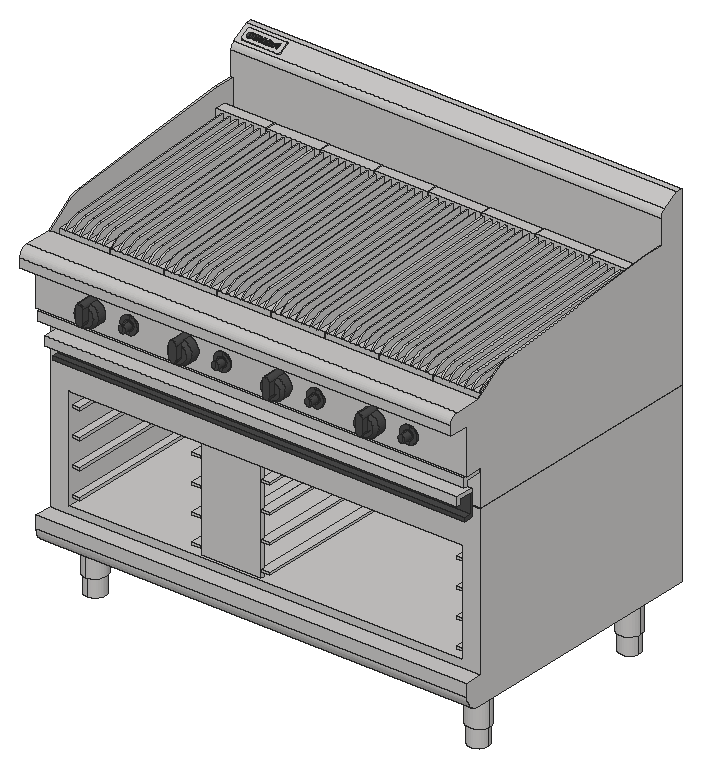
Revit family "QF_MOFFAT WALDORF_CH8120G-CB", category Specialty Equipment, Revit 2012
Parameters
  Weight in Pounds = 0
  URL Cutsheet = "www.moffat.com"
  URL = "www.moffat.com"
  Type Mark [instance] = ""
  Status [instance] = ""
  Specification by User [instance] = ""
  Specification by Manufacturer = ""
  Show Logo [instance] = yes
  Serial Number = ""
  Seismic Rating = ""
  SMACNA No = ""
  Revision Code [instance] = ""
  Omniclass Number and Title = ""
  NAFEM Spec ID Number = ""
  Model = "CH8120G-CB"
  Mechanical Remarks [instance] = ""
  Mechanical Connection Type [instance] = ""
  Masterspec = ""
  Manufacturer = "MOFFAT WALDORF"
  Item Number [instance] = ""
  Installed By [instance] = ""
  Identify Quantity as Lot [instance] = yes
  Gas Size = 3/4"
  Gas RI Height [instance] = 0 mm
  Gas KW [instance] = 36.6
  Gas Input [instance] = 126060.0 Btu/h
  Gas Connection Height = 0 mm
  Furnished By [instance] = ""
  Foodservice Equipment Identifier [instance] = yes
  Description = "CHARGRILL ON CABINET BASE"
  CSI MasterFormat = ""
  CSI Master Format = ""
  Body Finish = QF_Finishes_Stainless Steel
Reference planes
  plane 1 "BACK": y = 0
  plane 2: z = 0
  plane 3 "LEFT": x = 0
  plane 4 "RIGHT": x = 1200
  plane 5 "FRONT": y = -805
  plane 6 "TOP": z = 1130
  plane 7 "Center Y": x = 600
  plane 8 "Center X": y = -402.5
Forms (mm)
  Extrusion 1, solid, material "QF_Finishes_Stainless Steel" <- "Body Finish"
    sketch origin (0, 0, 0) x (0, 1, 0) y (0, 0, 1)
      loop
        line (-805, 891) -> (-805, 866) -> (-749, 866) -> (-749, 740) -> (-699, 740) -> (-699, 640) -> (0, 640) -> (0, 1130) -> (-16.5, 1130) -> (-58.709, 1105.631)
        arc (-58.709, 1105.631) -> (-66.975, 1097.365) -> (-70, 1086.074) r 22.582
        line (-70, 1086.074) -> (-70, 875) -> (-705, 875) -> (-705, 915) -> (-781, 915)
        arc (-781, 915) -> (-797.971, 907.971) -> (-805, 891) r 24
      loop
        line (0, 150) -> (0, 639.206) -> (-699, 639.206) -> (-699, 585) -> (-135.7, 585) -> (-135.7, 222.5) -> (-749, 222.5) -> (-749, 188)
        arc (-749, 188) -> (-737.87, 161.13) -> (-711, 150) r 38
        line (-711, 150) -> (0, 150)
    from 0 to 1200
  Revolve 2, solid, material "QF_Finishes_Stainless Steel" <- "Body Finish"
    sketch origin (424.5, -625, 0) x (1, 0, 0) y (0, 0, -1)
      loop
        line (678.25, -50) -> (678.25, -150) -> (710, -150) -> (710, 0) -> (682.5, 0) -> (682.5, -50) -> (678.25, -50)
      axis (710, -150) -> (710, 0)
    angle from 0 to 360
  Revolve 3, solid, material "QF_Finishes_Stainless Steel" <- "Body Finish"
    sketch origin (424.5, -100, 0) x (1, 0, 0) y (0, 0, -1)
      loop
        line (678.25, -150) -> (710, -150) -> (710, 0) -> (682.5, 0) -> (682.5, -50) -> (678.25, -50) -> (678.25, -150)
      axis (710, -150) -> (710, 0)
    angle from 0 to 360
  Revolve 4, solid, material "QF_Finishes_Stainless Steel" <- "Body Finish"
    sketch origin (65.5, -735, 0) x (0, 1, 0) y (0, 0, 1)
      loop
        line (78.25, 50) -> (82.5, 50) -> (82.5, 0) -> (110, 0) -> (110, 150) -> (78.25, 150) -> (78.25, 50)
      axis (110, 150) -> (110, 0)
    angle from 0 to 360
  Revolve 5, solid, material "QF_Finishes_Stainless Steel" <- "Body Finish"
    sketch origin (65.5, -210.016, 0) x (0, 1, 0) y (0, 0, 1)
      loop
        line (78.25, 50) -> (82.5, 50) -> (82.5, 0) -> (110, 0) -> (110, 150) -> (78.25, 150) -> (78.25, 50)
      axis (110, 150) -> (110, 0)
    angle from 0 to 360
  Extrusion 6, solid, material "QF_Finishes_Stainless Steel" <- "Body Finish"
    sketch origin (0, 0, 0) x (0, 1, 0) y (0, 0, 1)
      loop
        line (-121.455, 1019.2) -> (-600.057, 973.116)
        arc (-600.057, 973.116) -> (-620.977, 968.81) -> (-640.506, 960.159) r 100
        line (-640.506, 960.159) -> (-705, 915) -> (-705, 875) -> (-70, 875) -> (-70, 1019.2) -> (-121.455, 1019.2)
    from 0 to 4.5
  Extrusion 7, solid, material "QF_Finishes_Stainless Steel" <- "Body Finish"
    sketch origin (1200, 0, 0) x (0, 1, 0) y (0, 0, -1)
      loop
        line (-121.455, -1019.2) -> (-70, -1019.2) -> (-70, -875) -> (-705, -875) -> (-705, -915) -> (-640.506, -960.159)
        arc (-640.506, -960.159) -> (-620.977, -968.81) -> (-600.057, -973.116) r 100
        line (-600.057, -973.116) -> (-121.455, -1019.2)
    from 0 to 3
  Revolve 8, solid, material "QF_Finishes_Black"
    sketch origin (168, 0, 500) x (0, 1, 0) y (0, 0, 1)
      loop
        line (-782, 329.5) -> (-793, 323.651) -> (-793, 297) -> (-749, 297) -> (-749, 302) -> (-759, 302) -> (-759, 329.5) -> (-782, 329.5)
      axis (-793, 297) -> (-749, 297)
    angle from 0 to 360
  Extrusion 9, solid, material "QF_Finishes_Black"
    sketch origin (29.888, 0, 500) x (1, 0, 0) y (0, 0, 1)
      loop
        line (148.3, 289) -> (148.3, 324)
        arc (148.3, 324) -> (138.3, 334) -> (128.3, 324) r 10
        line (128.3, 324) -> (128.3, 289)
        arc (128.3, 289) -> (138.3, 279) -> (148.3, 289) r 10
    from 759 to 808
  Revolve 10, solid, material "QF_Finishes_Black"
    sketch origin (428, 0, 0) x (0, 1, 0) y (0, 0, -1)
      loop
        line (-782, -829.5) -> (-759, -829.5) -> (-759, -802) -> (-749, -802) -> (-749, -797) -> (-793, -797) -> (-793, -823.651) -> (-782, -829.5)
      axis (-793, -797) -> (-749, -797)
    angle from 0 to 360
  Extrusion 11, solid, material "QF_Finishes_Black"
    sketch origin (266.198, 0, 0) x (-1, 0, 0) y (0, 0, -1)
      loop
        arc (-151.7, -789) -> (-161.7, -779) -> (-171.7, -789) r 10
        line (-171.7, -789) -> (-171.7, -824)
        arc (-171.7, -824) -> (-161.7, -834) -> (-151.7, -824) r 10
        line (-151.7, -824) -> (-151.7, -789)
    from 759 to 808
  Revolve 12, solid, material "QF_Finishes_Black"
    sketch origin (268.187, 0, 500) x (0, 1, 0) y (0, 0, 1)
      loop
        line (-759, 302) -> (-759, 321) -> (-761.705, 321) -> (-761.705, 309.85) -> (-762.85, 309.85) -> (-762.85, 306.825) -> (-784.88, 306.825) -> (-784.88, 297) -> (-749, 297) -> (-749, 302) -> (-759, 302)
      axis (-749, 297) -> (-784.88, 297)
    angle from 0 to 360
  Revolve 13, solid, material "QF_Finishes_Black"
    sketch origin (528.014, 0, 500) x (0, 1, 0) y (0, 0, 1)
      loop
        line (-759, 302) -> (-759, 321) -> (-761.705, 321) -> (-761.705, 309.85) -> (-762.85, 309.85) -> (-762.85, 306.825) -> (-784.88, 306.825) -> (-784.88, 297) -> (-749, 297) -> (-749, 302) -> (-759, 302)
      axis (-749, 297) -> (-784.88, 297)
    angle from 0 to 360
  Extrusion 14, solid, material "QF_Finishes_Stainless Steel"
    sketch origin (276, 0, 0) x (0, 1, 0) y (0, 0, 1)
      loop
        line (-132, 910.364) -> (-132, 962.849) -> (-630.852, 932.53)
        arc (-630.852, 932.53) -> (-656.098, 925.97) -> (-677, 910.364) r 67.81
        line (-677, 910.364) -> (-132, 910.364)
    from 0 to 4.5
  Extrusion 15, solid, material "QF_Finishes_Stainless Steel"
    sketch origin (255, 0, 0) x (0, 1, 0) y (0, 0, 1)
      loop
        line (-132, 910.364) -> (-132, 962.849) -> (-630.852, 932.53)
        arc (-630.852, 932.53) -> (-656.098, 925.97) -> (-677, 910.364) r 67.81
        line (-677, 910.364) -> (-132, 910.364)
    from 0 to 4.5
  Extrusion 16, solid, material "QF_Finishes_Stainless Steel"
    sketch origin (234, 0, 0) x (0, 1, 0) y (0, 0, 1)
      loop
        line (-132, 910.364) -> (-132, 962.849) -> (-630.852, 932.53)
        arc (-630.852, 932.53) -> (-656.098, 925.97) -> (-677, 910.364) r 67.81
        line (-677, 910.364) -> (-132, 910.364)
    from 0 to 4.5
  Extrusion 17, solid, material "QF_Finishes_Stainless Steel"
    sketch origin (213, 0, 0) x (0, 1, 0) y (0, 0, 1)
      loop
        line (-132, 910.364) -> (-132, 962.849) -> (-630.852, 932.53)
        arc (-630.852, 932.53) -> (-656.098, 925.97) -> (-677, 910.364) r 67.81
        line (-677, 910.364) -> (-132, 910.364)
    from 0 to 4.5
  Extrusion 18, solid, material "QF_Finishes_Stainless Steel"
    sketch origin (192, 0, 0) x (0, 1, 0) y (0, 0, 1)
      loop
        line (-132, 910.364) -> (-132, 962.849) -> (-630.852, 932.53)
        arc (-630.852, 932.53) -> (-656.098, 925.97) -> (-677, 910.364) r 67.81
        line (-677, 910.364) -> (-132, 910.364)
    from 0 to 4.5
  Extrusion 19, solid, material "QF_Finishes_Stainless Steel"
    sketch origin (171, 0, 0) x (0, 1, 0) y (0, 0, 1)
      loop
        line (-132, 910.364) -> (-132, 962.849) -> (-630.852, 932.53)
        arc (-630.852, 932.53) -> (-656.098, 925.97) -> (-677, 910.364) r 67.81
        line (-677, 910.364) -> (-132, 910.364)
    from 0 to 4.5
  Extrusion 20, solid, material "QF_Finishes_Stainless Steel"
    sketch origin (150, 0, 0) x (0, 1, 0) y (0, 0, 1)
      loop
        line (-132, 910.364) -> (-132, 962.849) -> (-630.852, 932.53)
        arc (-630.852, 932.53) -> (-656.098, 925.97) -> (-677, 910.364) r 67.81
        line (-677, 910.364) -> (-132, 910.364)
    from 0 to 4.5
  Extrusion 21, solid, material "QF_Finishes_Stainless Steel"
    sketch origin (126, 0, 0) x (0, 1, 0) y (0, 0, 1)
      loop
        line (-132, 910.364) -> (-132, 962.849) -> (-630.852, 932.53)
        arc (-630.852, 932.53) -> (-656.098, 925.97) -> (-677, 910.364) r 67.81
        line (-677, 910.364) -> (-132, 910.364)
    from 0 to 4.5
  Extrusion 22, solid, material "QF_Finishes_Stainless Steel"
    sketch origin (105, 0, 0) x (0, 1, 0) y (0, 0, 1)
      loop
        line (-132, 910.364) -> (-132, 962.849) -> (-630.852, 932.53)
        arc (-630.852, 932.53) -> (-656.098, 925.97) -> (-677, 910.364) r 67.81
        line (-677, 910.364) -> (-132, 910.364)
    from 0 to 4.5
  Extrusion 23, solid, material "QF_Finishes_Stainless Steel"
    sketch origin (84, 0, 0) x (0, 1, 0) y (0, 0, 1)
      loop
        line (-132, 910.364) -> (-132, 962.849) -> (-630.852, 932.53)
        arc (-630.852, 932.53) -> (-656.098, 925.97) -> (-677, 910.364) r 67.81
        line (-677, 910.364) -> (-132, 910.364)
    from 0 to 4.5
  Extrusion 24, solid, material "QF_Finishes_Stainless Steel"
    sketch origin (63, 0, 0) x (0, 1, 0) y (0, 0, 1)
      loop
        line (-132, 910.364) -> (-132, 962.849) -> (-630.852, 932.53)
        arc (-630.852, 932.53) -> (-656.098, 925.97) -> (-677, 910.364) r 67.81
        line (-677, 910.364) -> (-132, 910.364)
    from 0 to 4.5
  Extrusion 25, solid, material "QF_Finishes_Stainless Steel"
    sketch origin (42, 0, 0) x (0, 1, 0) y (0, 0, 1)
      loop
        line (-132, 910.364) -> (-132, 962.849) -> (-630.852, 932.53)
        arc (-630.852, 932.53) -> (-656.098, 925.97) -> (-677, 910.364) r 67.81
        line (-677, 910.364) -> (-132, 910.364)
    from 0 to 4.5
  Extrusion 26, solid, material "QF_Finishes_Stainless Steel"
    sketch origin (21, 0, 0) x (0, 1, 0) y (0, 0, 1)
      loop
        line (-132, 910.364) -> (-132, 962.849) -> (-630.852, 932.53)
        arc (-630.852, 932.53) -> (-656.098, 925.97) -> (-677, 910.364) r 67.81
        line (-677, 910.364) -> (-132, 910.364)
    from 0 to 4.5
  Extrusion 27, solid, material "QF_Finishes_Stainless Steel"
    sketch origin (426, 0, 0) x (0, 1, 0) y (0, 0, 1)
      loop
        line (-132, 910.364) -> (-132, 962.849) -> (-630.852, 932.53)
        arc (-630.852, 932.53) -> (-656.098, 925.97) -> (-677, 910.364) r 67.81
        line (-677, 910.364) -> (-132, 910.364)
    from 0 to 4.5
  Extrusion 28, solid, material "QF_Finishes_Stainless Steel"
    sketch origin (405, 0, 0) x (0, 1, 0) y (0, 0, 1)
      loop
        line (-132, 910.364) -> (-132, 962.849) -> (-630.852, 932.53)
        arc (-630.852, 932.53) -> (-656.098, 925.97) -> (-677, 910.364) r 67.81
        line (-677, 910.364) -> (-132, 910.364)
    from 0 to 4.5
  Extrusion 29, solid, material "QF_Finishes_Stainless Steel"
    sketch origin (384, 0, 0) x (0, 1, 0) y (0, 0, 1)
      loop
        line (-132, 910.364) -> (-132, 962.849) -> (-630.852, 932.53)
        arc (-630.852, 932.53) -> (-656.098, 925.97) -> (-677, 910.364) r 67.81
        line (-677, 910.364) -> (-132, 910.364)
    from 0 to 4.5
  Extrusion 30, solid, material "QF_Finishes_Stainless Steel"
    sketch origin (363, 0, 0) x (0, 1, 0) y (0, 0, 1)
      loop
        line (-132, 910.364) -> (-132, 962.849) -> (-630.852, 932.53)
        arc (-630.852, 932.53) -> (-656.098, 925.97) -> (-677, 910.364) r 67.81
        line (-677, 910.364) -> (-132, 910.364)
    from 0 to 4.5
  Extrusion 31, solid, material "QF_Finishes_Stainless Steel"
    sketch origin (342, 0, 0) x (0, 1, 0) y (0, 0, 1)
      loop
        line (-132, 910.364) -> (-132, 962.849) -> (-630.852, 932.53)
        arc (-630.852, 932.53) -> (-656.098, 925.97) -> (-677, 910.364) r 67.81
        line (-677, 910.364) -> (-132, 910.364)
    from 0 to 4.5
  Extrusion 32, solid, material "QF_Finishes_Stainless Steel"
    sketch origin (321, 0, 0) x (0, 1, 0) y (0, 0, 1)
      loop
        line (-132, 910.364) -> (-132, 962.849) -> (-630.852, 932.53)
        arc (-630.852, 932.53) -> (-656.098, 925.97) -> (-677, 910.364) r 67.81
        line (-677, 910.364) -> (-132, 910.364)
    from 0 to 4.5
  Extrusion 33, solid, material "QF_Finishes_Stainless Steel"
    sketch origin (300, 0, 0) x (0, 1, 0) y (0, 0, 1)
      loop
        line (-132, 910.364) -> (-132, 962.849) -> (-630.852, 932.53)
        arc (-630.852, 932.53) -> (-656.098, 925.97) -> (-677, 910.364) r 67.81
        line (-677, 910.364) -> (-132, 910.364)
    from 0 to 4.5
  Extrusion 34, solid, material "QF_Finishes_Stainless Steel"
    sketch origin (576, 0, 0) x (0, 1, 0) y (0, 0, 1)
      loop
        line (-132, 910.364) -> (-132, 962.849) -> (-630.852, 932.53)
        arc (-630.852, 932.53) -> (-656.098, 925.97) -> (-677, 910.364) r 67.81
        line (-677, 910.364) -> (-132, 910.364)
    from 0 to 4.5
  Extrusion 35, solid, material "QF_Finishes_Stainless Steel"
    sketch origin (555, 0, 0) x (0, 1, 0) y (0, 0, 1)
      loop
        line (-132, 910.364) -> (-132, 962.849) -> (-630.852, 932.53)
        arc (-630.852, 932.53) -> (-656.098, 925.97) -> (-677, 910.364) r 67.81
        line (-677, 910.364) -> (-132, 910.364)
    from 0 to 4.5
  Extrusion 36, solid, material "QF_Finishes_Stainless Steel"
    sketch origin (534, 0, 0) x (0, 1, 0) y (0, 0, 1)
      loop
        line (-132, 910.364) -> (-132, 962.849) -> (-630.852, 932.53)
        arc (-630.852, 932.53) -> (-656.098, 925.97) -> (-677, 910.364) r 67.81
        line (-677, 910.364) -> (-132, 910.364)
    from 0 to 4.5
  Extrusion 37, solid, material "QF_Finishes_Stainless Steel"
    sketch origin (513, 0, 0) x (0, 1, 0) y (0, 0, 1)
      loop
        line (-132, 910.364) -> (-132, 962.849) -> (-630.852, 932.53)
        arc (-630.852, 932.53) -> (-656.098, 925.97) -> (-677, 910.364) r 67.81
        line (-677, 910.364) -> (-132, 910.364)
    from 0 to 4.5
  Extrusion 38, solid, material "QF_Finishes_Stainless Steel"
    sketch origin (492, 0, 0) x (0, 1, 0) y (0, 0, 1)
      loop
        line (-132, 910.364) -> (-132, 962.849) -> (-630.852, 932.53)
        arc (-630.852, 932.53) -> (-656.098, 925.97) -> (-677, 910.364) r 67.81
        line (-677, 910.364) -> (-132, 910.364)
    from 0 to 4.5
  Extrusion 39, solid, material "QF_Finishes_Stainless Steel"
    sketch origin (471, 0, 0) x (0, 1, 0) y (0, 0, 1)
      loop
        line (-132, 910.364) -> (-132, 962.849) -> (-630.852, 932.53)
        arc (-630.852, 932.53) -> (-656.098, 925.97) -> (-677, 910.364) r 67.81
        line (-677, 910.364) -> (-132, 910.364)
    from 0 to 4.5
  Extrusion 40, solid, material "QF_Finishes_Stainless Steel"
    sketch origin (450, 0, 0) x (0, 1, 0) y (0, 0, 1)
      loop
        line (-132, 910.364) -> (-132, 962.849) -> (-630.852, 932.53)
        arc (-630.852, 932.53) -> (-656.098, 925.97) -> (-677, 910.364) r 67.81
        line (-677, 910.364) -> (-132, 910.364)
    from 0 to 4.5
  Extrusion 41, solid, material "QF_Finishes_Stainless Steel"
    sketch origin (1, 3, 0) x (1, 0, 0) y (0, 1, 0)
      loop
        circle (215, -35) r 13.5
    from 555 to 639.206
  Extrusion 42, solid, material "QF_Finishes_Black"
    sketch origin (1, 0, 500) x (0, 1, 0) y (0, 0, 1)
      loop
        line (-704, 171.797) -> (-704, 118.047) -> (-724, 118.047) -> (-724, 108.047) -> (-685.346, 108.047) -> (-685.346, 171.797) -> (-704, 171.797)
    from 24.12 to 1174.007
  Extrusion 43, solid, material "QF_Finishes_Stainless Steel"
    sketch origin (0, 0, 500) x (0, 1, 0) y (0, 0, 1)
      loop
        line (-751.27, 211.219) -> (-741.27, 211.219) -> (-741.27, 226.219) -> (-699, 226.219) -> (-699, 236.219) -> (-751.27, 236.219) -> (-751.27, 211.219)
    from 5.013 to 1195
  Extrusion 44, solid, material "QF_Finishes_Stainless Steel"
    sketch origin (0, 0, 445.578) x (0, 1, 0) y (0, 0, 1)
      loop
        line (-751.27, 211.219) -> (-741.27, 211.219) -> (-741.27, 226.219) -> (-685.346, 226.219) -> (-685.346, 236.219) -> (-751.27, 236.219) -> (-751.27, 211.219)
    from 25.12 to 1175.007
  Extrusion 45, solid, material "QF_Finishes_Stainless Steel"
    sketch origin (0, 0, 0) x (0, 1, 0) y (0, 0, 1)
      loop
        line (-132, 910.364) -> (-677, 910.364) -> (-677, 875) -> (-102, 875) -> (-102, 970) -> (-132, 970) -> (-132, 910.364)
    from 4.5 to 147
  Extrusion 46, solid, material "QF_Finishes_Stainless Steel"
    sketch origin (145.5, 0, 0) x (0, 1, 0) y (0, 0, 1)
      loop
        line (-132, 910.364) -> (-677, 910.364) -> (-677, 875) -> (-102, 875) -> (-102, 970) -> (-132, 970) -> (-132, 910.364)
    from 4.5 to 151.5
  Extrusion 47, solid, material "QF_Finishes_Stainless Steel"
    sketch origin (295.5, 0, 0) x (0, 1, 0) y (0, 0, 1)
      loop
        line (-132, 910.364) -> (-677, 910.364) -> (-677, 875) -> (-102, 875) -> (-102, 970) -> (-132, 970) -> (-132, 910.364)
    from 4.5 to 151.5
  Extrusion 48, solid, material "QF_Finishes_Stainless Steel"
    sketch origin (445.5, 0, 0) x (0, 1, 0) y (0, 0, 1)
      loop
        line (-132, 910.364) -> (-677, 910.364) -> (-677, 875) -> (-102, 875) -> (-102, 970) -> (-132, 970) -> (-132, 910.364)
    from 4.5 to 151.5
  Extrusion 49, solid, material "QF_Finishes_Stainless Steel"
    sketch origin (726, 0, 0) x (0, 1, 0) y (0, 0, 1)
      loop
        line (-132, 910.364) -> (-132, 962.849) -> (-630.852, 932.53)
        arc (-630.852, 932.53) -> (-656.098, 925.97) -> (-677, 910.364) r 67.81
        line (-677, 910.364) -> (-132, 910.364)
    from 0 to 4.5
  Extrusion 50, solid, material "QF_Finishes_Stainless Steel"
    sketch origin (705, 0, 0) x (0, 1, 0) y (0, 0, 1)
      loop
        line (-132, 910.364) -> (-132, 962.849) -> (-630.852, 932.53)
        arc (-630.852, 932.53) -> (-656.098, 925.97) -> (-677, 910.364) r 67.81
        line (-677, 910.364) -> (-132, 910.364)
    from 0 to 4.5
  Extrusion 51, solid, material "QF_Finishes_Stainless Steel"
    sketch origin (684, 0, 0) x (0, 1, 0) y (0, 0, 1)
      loop
        line (-132, 910.364) -> (-132, 962.849) -> (-630.852, 932.53)
        arc (-630.852, 932.53) -> (-656.098, 925.97) -> (-677, 910.364) r 67.81
        line (-677, 910.364) -> (-132, 910.364)
    from 0 to 4.5
  Extrusion 52, solid, material "QF_Finishes_Stainless Steel"
    sketch origin (663, 0, 0) x (0, 1, 0) y (0, 0, 1)
      loop
        line (-132, 910.364) -> (-132, 962.849) -> (-630.852, 932.53)
        arc (-630.852, 932.53) -> (-656.098, 925.97) -> (-677, 910.364) r 67.81
        line (-677, 910.364) -> (-132, 910.364)
    from 0 to 4.5
  Extrusion 53, solid, material "QF_Finishes_Stainless Steel"
    sketch origin (642, 0, 0) x (0, 1, 0) y (0, 0, 1)
      loop
        line (-132, 910.364) -> (-132, 962.849) -> (-630.852, 932.53)
        arc (-630.852, 932.53) -> (-656.098, 925.97) -> (-677, 910.364) r 67.81
        line (-677, 910.364) -> (-132, 910.364)
    from 0 to 4.5
  Extrusion 54, solid, material "QF_Finishes_Stainless Steel"
    sketch origin (621, 0, 0) x (0, 1, 0) y (0, 0, 1)
      loop
        line (-132, 910.364) -> (-132, 962.849) -> (-630.852, 932.53)
        arc (-630.852, 932.53) -> (-656.098, 925.97) -> (-677, 910.364) r 67.81
        line (-677, 910.364) -> (-132, 910.364)
    from 0 to 4.5
  Extrusion 55, solid, material "QF_Finishes_Stainless Steel"
    sketch origin (600, 0, 0) x (0, 1, 0) y (0, 0, 1)
      loop
        line (-132, 910.364) -> (-132, 962.849) -> (-630.852, 932.53)
        arc (-630.852, 932.53) -> (-656.098, 925.97) -> (-677, 910.364) r 67.81
        line (-677, 910.364) -> (-132, 910.364)
    from 0 to 4.5
  Extrusion 56, solid, material "QF_Finishes_Stainless Steel"
    sketch origin (595.5, 0, 0) x (0, 1, 0) y (0, 0, 1)
      loop
        line (-132, 910.364) -> (-677, 910.364) -> (-677, 875) -> (-102, 875) -> (-102, 970) -> (-132, 970) -> (-132, 910.364)
    from 4.5 to 151.5
  Extrusion 57, solid, material "QF_Finishes_Stainless Steel"
    sketch origin (876, 0, 0) x (0, 1, 0) y (0, 0, 1)
      loop
        line (-132, 910.364) -> (-132, 962.849) -> (-630.852, 932.53)
        arc (-630.852, 932.53) -> (-656.098, 925.97) -> (-677, 910.364) r 67.81
        line (-677, 910.364) -> (-132, 910.364)
    from 0 to 4.5
  Extrusion 58, solid, material "QF_Finishes_Stainless Steel"
    sketch origin (855, 0, 0) x (0, 1, 0) y (0, 0, 1)
      loop
        line (-132, 910.364) -> (-132, 962.849) -> (-630.852, 932.53)
        arc (-630.852, 932.53) -> (-656.098, 925.97) -> (-677, 910.364) r 67.81
        line (-677, 910.364) -> (-132, 910.364)
    from 0 to 4.5
  Extrusion 59, solid, material "QF_Finishes_Stainless Steel"
    sketch origin (834, 0, 0) x (0, 1, 0) y (0, 0, 1)
      loop
        line (-132, 910.364) -> (-132, 962.849) -> (-630.852, 932.53)
        arc (-630.852, 932.53) -> (-656.098, 925.97) -> (-677, 910.364) r 67.81
        line (-677, 910.364) -> (-132, 910.364)
    from 0 to 4.5
  Extrusion 60, solid, material "QF_Finishes_Stainless Steel"
    sketch origin (813, 0, 0) x (0, 1, 0) y (0, 0, 1)
      loop
        line (-132, 910.364) -> (-132, 962.849) -> (-630.852, 932.53)
        arc (-630.852, 932.53) -> (-656.098, 925.97) -> (-677, 910.364) r 67.81
        line (-677, 910.364) -> (-132, 910.364)
    from 0 to 4.5
  Extrusion 61, solid, material "QF_Finishes_Stainless Steel"
    sketch origin (792, 0, 0) x (0, 1, 0) y (0, 0, 1)
      loop
        line (-132, 910.364) -> (-132, 962.849) -> (-630.852, 932.53)
        arc (-630.852, 932.53) -> (-656.098, 925.97) -> (-677, 910.364) r 67.81
        line (-677, 910.364) -> (-132, 910.364)
    from 0 to 4.5
  Extrusion 62, solid, material "QF_Finishes_Stainless Steel"
    sketch origin (771, 0, 0) x (0, 1, 0) y (0, 0, 1)
      loop
        line (-132, 910.364) -> (-132, 962.849) -> (-630.852, 932.53)
        arc (-630.852, 932.53) -> (-656.098, 925.97) -> (-677, 910.364) r 67.81
        line (-677, 910.364) -> (-132, 910.364)
    from 0 to 4.5
  Extrusion 63, solid, material "QF_Finishes_Stainless Steel"
    sketch origin (750, 0, 0) x (0, 1, 0) y (0, 0, 1)
      loop
        line (-132, 910.364) -> (-132, 962.849) -> (-630.852, 932.53)
        arc (-630.852, 932.53) -> (-656.098, 925.97) -> (-677, 910.364) r 67.81
        line (-677, 910.364) -> (-132, 910.364)
    from 0 to 4.5
  Extrusion 64, solid, material "QF_Finishes_Stainless Steel"
    sketch origin (745.5, 0, 0) x (0, 1, 0) y (0, 0, 1)
      loop
        line (-132, 910.364) -> (-677, 910.364) -> (-677, 875) -> (-102, 875) -> (-102, 970) -> (-132, 970) -> (-132, 910.364)
    from 4.5 to 151.5
  Revolve 65, solid, material "QF_Finishes_Black"
    sketch origin (688, 0, 0) x (0, 1, 0) y (0, 0, -1)
      loop
        line (-782, -829.5) -> (-759, -829.5) -> (-759, -802) -> (-749, -802) -> (-749, -797) -> (-793, -797) -> (-793, -823.651) -> (-782, -829.5)
      axis (-793, -797) -> (-749, -797)
    angle from 0 to 360
  Extrusion 66, solid, material "QF_Finishes_Black"
    sketch origin (526.309, 0, 0) x (-1, 0, 0) y (0, 0, -1)
      loop
        arc (-151.7, -789) -> (-161.7, -779) -> (-171.7, -789) r 10
        line (-171.7, -789) -> (-171.7, -824)
        arc (-171.7, -824) -> (-161.7, -834) -> (-151.7, -824) r 10
        line (-151.7, -824) -> (-151.7, -789)
    from 759 to 808
  Revolve 67, solid, material "QF_Finishes_Black"
    sketch origin (788.014, 0, 500) x (0, 1, 0) y (0, 0, 1)
      loop
        line (-759, 302) -> (-759, 321) -> (-761.705, 321) -> (-761.705, 309.85) -> (-762.85, 309.85) -> (-762.85, 306.825) -> (-784.88, 306.825) -> (-784.88, 297) -> (-749, 297) -> (-749, 302) -> (-759, 302)
      axis (-749, 297) -> (-784.88, 297)
    angle from 0 to 360
  Revolve 68, solid, material "QF_Finishes_Black"
    sketch origin (948, 0, 0) x (0, 1, 0) y (0, 0, -1)
      loop
        line (-782, -829.5) -> (-759, -829.5) -> (-759, -802) -> (-749, -802) -> (-749, -797) -> (-793, -797) -> (-793, -823.651) -> (-782, -829.5)
      axis (-793, -797) -> (-749, -797)
    angle from 0 to 360
  Extrusion 69, solid, material "QF_Finishes_Black"
    sketch origin (786.309, 0, 0) x (-1, 0, 0) y (0, 0, -1)
      loop
        arc (-151.7, -789) -> (-161.7, -779) -> (-171.7, -789) r 10
        line (-171.7, -789) -> (-171.7, -824)
        arc (-171.7, -824) -> (-161.7, -834) -> (-151.7, -824) r 10
        line (-151.7, -824) -> (-151.7, -789)
    from 759 to 808
  Revolve 70, solid, material "QF_Finishes_Black"
    sketch origin (1048.014, 0, 500) x (0, 1, 0) y (0, 0, 1)
      loop
        line (-759, 302) -> (-759, 321) -> (-761.705, 321) -> (-761.705, 309.85) -> (-762.85, 309.85) -> (-762.85, 306.825) -> (-784.88, 306.825) -> (-784.88, 297) -> (-749, 297) -> (-749, 302) -> (-759, 302)
      axis (-749, 297) -> (-784.88, 297)
    angle from 0 to 360
  Extrusion 71, solid, material "QF_Finishes_Stainless Steel"
    sketch origin (1026, 0, 0) x (0, 1, 0) y (0, 0, 1)
      loop
        line (-132, 910.364) -> (-132, 962.849) -> (-630.852, 932.53)
        arc (-630.852, 932.53) -> (-656.098, 925.97) -> (-677, 910.364) r 67.81
        line (-677, 910.364) -> (-132, 910.364)
    from 0 to 4.5
  Extrusion 72, solid, material "QF_Finishes_Stainless Steel"
    sketch origin (1005, 0, 0) x (0, 1, 0) y (0, 0, 1)
      loop
        line (-132, 910.364) -> (-132, 962.849) -> (-630.852, 932.53)
        arc (-630.852, 932.53) -> (-656.098, 925.97) -> (-677, 910.364) r 67.81
        line (-677, 910.364) -> (-132, 910.364)
    from 0 to 4.5
  Extrusion 73, solid, material "QF_Finishes_Stainless Steel"
    sketch origin (984, 0, 0) x (0, 1, 0) y (0, 0, 1)
      loop
        line (-132, 910.364) -> (-132, 962.849) -> (-630.852, 932.53)
        arc (-630.852, 932.53) -> (-656.098, 925.97) -> (-677, 910.364) r 67.81
        line (-677, 910.364) -> (-132, 910.364)
    from 0 to 4.5
  Extrusion 74, solid, material "QF_Finishes_Stainless Steel"
    sketch origin (963, 0, 0) x (0, 1, 0) y (0, 0, 1)
      loop
        line (-132, 910.364) -> (-132, 962.849) -> (-630.852, 932.53)
        arc (-630.852, 932.53) -> (-656.098, 925.97) -> (-677, 910.364) r 67.81
        line (-677, 910.364) -> (-132, 910.364)
    from 0 to 4.5
  Extrusion 75, solid, material "QF_Finishes_Stainless Steel"
    sketch origin (942, 0, 0) x (0, 1, 0) y (0, 0, 1)
      loop
        line (-132, 910.364) -> (-132, 962.849) -> (-630.852, 932.53)
        arc (-630.852, 932.53) -> (-656.098, 925.97) -> (-677, 910.364) r 67.81
        line (-677, 910.364) -> (-132, 910.364)
    from 0 to 4.5
  Extrusion 76, solid, material "QF_Finishes_Stainless Steel"
    sketch origin (921, 0, 0) x (0, 1, 0) y (0, 0, 1)
      loop
        line (-132, 910.364) -> (-132, 962.849) -> (-630.852, 932.53)
        arc (-630.852, 932.53) -> (-656.098, 925.97) -> (-677, 910.364) r 67.81
        line (-677, 910.364) -> (-132, 910.364)
    from 0 to 4.5
  Extrusion 77, solid, material "QF_Finishes_Stainless Steel"
    sketch origin (900, 0, 0) x (0, 1, 0) y (0, 0, 1)
      loop
        line (-132, 910.364) -> (-132, 962.849) -> (-630.852, 932.53)
        arc (-630.852, 932.53) -> (-656.098, 925.97) -> (-677, 910.364) r 67.81
        line (-677, 910.364) -> (-132, 910.364)
    from 0 to 4.5
  Extrusion 78, solid, material "QF_Finishes_Stainless Steel"
    sketch origin (895.5, 0, 0) x (0, 1, 0) y (0, 0, 1)
      loop
        line (-132, 910.364) -> (-677, 910.364) -> (-677, 875) -> (-102, 875) -> (-102, 970) -> (-132, 970) -> (-132, 910.364)
    from 4.5 to 151.5
  Extrusion 79, solid, material "QF_Finishes_Stainless Steel"
    sketch origin (1176, 0, 0) x (0, 1, 0) y (0, 0, 1)
      loop
        line (-132, 910.364) -> (-132, 962.849) -> (-630.852, 932.53)
        arc (-630.852, 932.53) -> (-656.098, 925.97) -> (-677, 910.364) r 67.81
        line (-677, 910.364) -> (-132, 910.364)
    from 0 to 4.5
  Extrusion 80, solid, material "QF_Finishes_Stainless Steel"
    sketch origin (1155, 0, 0) x (0, 1, 0) y (0, 0, 1)
      loop
        line (-132, 910.364) -> (-132, 962.849) -> (-630.852, 932.53)
        arc (-630.852, 932.53) -> (-656.098, 925.97) -> (-677, 910.364) r 67.81
        line (-677, 910.364) -> (-132, 910.364)
    from 0 to 4.5
  Extrusion 81, solid, material "QF_Finishes_Stainless Steel"
    sketch origin (1134, 0, 0) x (0, 1, 0) y (0, 0, 1)
      loop
        line (-132, 910.364) -> (-132, 962.849) -> (-630.852, 932.53)
        arc (-630.852, 932.53) -> (-656.098, 925.97) -> (-677, 910.364) r 67.81
        line (-677, 910.364) -> (-132, 910.364)
    from 0 to 4.5
  Extrusion 82, solid, material "QF_Finishes_Stainless Steel"
    sketch origin (1113, 0, 0) x (0, 1, 0) y (0, 0, 1)
      loop
        line (-132, 910.364) -> (-132, 962.849) -> (-630.852, 932.53)
        arc (-630.852, 932.53) -> (-656.098, 925.97) -> (-677, 910.364) r 67.81
        line (-677, 910.364) -> (-132, 910.364)
    from 0 to 4.5
  Extrusion 83, solid, material "QF_Finishes_Stainless Steel"
    sketch origin (1092, 0, 0) x (0, 1, 0) y (0, 0, 1)
      loop
        line (-132, 910.364) -> (-132, 962.849) -> (-630.852, 932.53)
        arc (-630.852, 932.53) -> (-656.098, 925.97) -> (-677, 910.364) r 67.81
        line (-677, 910.364) -> (-132, 910.364)
    from 0 to 4.5
  Extrusion 84, solid, material "QF_Finishes_Stainless Steel"
    sketch origin (1071, 0, 0) x (0, 1, 0) y (0, 0, 1)
      loop
        line (-132, 910.364) -> (-132, 962.849) -> (-630.852, 932.53)
        arc (-630.852, 932.53) -> (-656.098, 925.97) -> (-677, 910.364) r 67.81
        line (-677, 910.364) -> (-132, 910.364)
    from 0 to 4.5
  Extrusion 85, solid, material "QF_Finishes_Stainless Steel"
    sketch origin (1050, 0, 0) x (0, 1, 0) y (0, 0, 1)
      loop
        line (-132, 910.364) -> (-132, 962.849) -> (-630.852, 932.53)
        arc (-630.852, 932.53) -> (-656.098, 925.97) -> (-677, 910.364) r 67.81
        line (-677, 910.364) -> (-132, 910.364)
    from 0 to 4.5
  Extrusion 86, solid, material "QF_Finishes_Stainless Steel"
    sketch origin (1045.5, 0, 0) x (0, 1, 0) y (0, 0, 1)
      loop
        line (-132, 910.364) -> (-677, 910.364) -> (-677, 875) -> (-102, 875) -> (-102, 970) -> (-132, 970) -> (-132, 910.364)
    from 4.5 to 151.5
  Extrusion 87, solid, material "QF_Finishes_Stainless Steel" <- "Body Finish"
    sketch origin (0, -135.7, 140) x (0, 0, 1) y (-1, 0, 0)
      loop
        line (390, -1150) -> (390, -50) -> (102.5, -50) -> (102.5, -1150) -> (390, -1150)
      loop
        line (445, 0) -> (82.5, 0) -> (82.5, -1200) -> (445, -1200) -> (445, 0)
    from 0 to 563.3
  Extrusion 88, solid, material "QF_Finishes_Stainless Steel"
    sketch origin (0, -135.7, 735) x (0, 0, 1) y (-1, 0, 0)
      loop
        line (-205, -578.5) -> (-205, -412.5) -> (-492.5, -412.5) -> (-492.5, -578.5) -> (-205, -578.5)
    from 543.302 to 553.302
  Extrusion 89, solid, material "QF_Finishes_Stainless Steel"
    sketch origin (0, -135.7, 655) x (0, 0, 1) y (-1, 0, 0)
      loop
        line (-246.25, -410.75) -> (-239.9, -410.75) -> (-239.9, -385.75) -> (-246.25, -385.75) -> (-246.25, -410.75)
      loop
        line (-321.25, -410.75) -> (-314.9, -410.75) -> (-314.9, -385.75) -> (-321.25, -385.75) -> (-321.25, -410.75)
      loop
        line (-321.25, -50) -> (-321.25, -75) -> (-314.9, -75) -> (-314.9, -50) -> (-321.25, -50)
      loop
        line (-239.9, -75) -> (-239.9, -50) -> (-246.25, -50) -> (-246.25, -75) -> (-239.9, -75)
      loop
        line (-396.25, -410.75) -> (-389.9, -410.75) -> (-389.9, -385.75) -> (-396.25, -385.75) -> (-396.25, -410.75)
      loop
        line (-396.25, -50) -> (-396.25, -75) -> (-389.9, -75) -> (-389.9, -50) -> (-396.25, -50)
      loop
        line (-171.25, -410.75) -> (-164.9, -410.75) -> (-164.9, -385.75) -> (-171.25, -385.75) -> (-171.25, -410.75)
      loop
        line (-164.9, -75) -> (-164.9, -50) -> (-171.25, -50) -> (-171.25, -75) -> (-164.9, -75)
      loop
        line (-246.25, -579.25) -> (-246.25, -604.25) -> (-239.9, -604.25) -> (-239.9, -579.25) -> (-246.25, -579.25)
      loop
        line (-321.25, -579.25) -> (-321.25, -604.25) -> (-314.9, -604.25) -> (-314.9, -579.25) -> (-321.25, -579.25)
      loop
        line (-321.25, -1150) -> (-314.9, -1150) -> (-314.9, -1125) -> (-321.25, -1125) -> (-321.25, -1150)
      loop
        line (-239.9, -1125) -> (-246.25, -1125) -> (-246.25, -1150) -> (-239.9, -1150) -> (-239.9, -1125)
      loop
        line (-396.25, -579.25) -> (-396.25, -604.25) -> (-389.9, -604.25) -> (-389.9, -579.25) -> (-396.25, -579.25)
      loop
        line (-396.25, -1150) -> (-389.9, -1150) -> (-389.9, -1125) -> (-396.25, -1125) -> (-396.25, -1150)
      loop
        line (-171.25, -579.25) -> (-171.25, -604.25) -> (-164.9, -604.25) -> (-164.9, -579.25) -> (-171.25, -579.25)
      loop
        line (-164.9, -1125) -> (-171.25, -1125) -> (-171.25, -1150) -> (-164.9, -1150) -> (-164.9, -1125)
    from 0 to 553.302
  Extrusion 90, void
    sketch origin (1287.5, 0, 150) x (1, 0, 0) y (0, 1, 0)
      loop
        line (-1133.988, -87.26) -> (-1052.988, -87.26) -> (-1004.488, -38.76) -> (-1004.488, 30.24) -> (-1133.988, 30.24) -> (-1133.988, -87.26)
    from 72.5 to 489.206
Cuts and joins
  joined: Revolve 8, Extrusion 9
  joined: Revolve 10, Extrusion 11
  Extrusion 90 cuts Extrusion 1
  Extrusion 90 cuts Extrusion 6
  Extrusion 90 cuts Extrusion 7
  Extrusion 90 cuts Extrusion 87
  joined: Extrusion 1, Extrusion 6, Extrusion 7, Extrusion 87
Lines and regions (mm)
  Split face 1
    outline origin (0, -16.5, 1130) x (0, -0.866025, -0.5) y (1, 0, 0)
      loop
        line (1.962, 129.583) -> (34.599, 129.583) -> (34.599, 149.583) -> (1.962, 149.583) -> (1.962, 129.583)
  Split face 2
    outline origin (0, -16.5, 1130) x (0, -0.866025, -0.5) y (1, 0, 0)
      loop
        line (34.599, 156.5) -> (34.599, 176.5) -> (1.962, 176.5) -> (1.962, 156.5) -> (34.599, 156.5)
  Split face 3
    outline origin (0, -16.5, 1130) x (0, -0.866025, -0.5) y (1, 0, 0)
      loop
        line (34.599, 203.5) -> (1.962, 203.5) -> (1.962, 183.5) -> (34.599, 183.5) -> (34.599, 203.5)
  Split face 4
    outline origin (0, -16.5, 1130) x (0, -0.866025, -0.5) y (1, 0, 0)
      loop
        line (34.599, 230.5) -> (1.962, 230.5) -> (1.962, 210.5) -> (34.599, 210.5) -> (34.599, 230.5)
  Split face 5
    outline origin (0, -16.5, 1130) x (0, -0.866025, -0.5) y (1, 0, 0)
      loop
        line (34.599, 257.5) -> (1.962, 257.5) -> (1.962, 237.5) -> (34.599, 237.5) -> (34.599, 257.5)
  Split face 6
    outline origin (0, -16.5, 1130) x (0, -0.866025, -0.5) y (1, 0, 0)
      loop
        line (34.599, 264.5) -> (34.599, 284.5) -> (1.962, 284.5) -> (1.962, 264.5) -> (34.599, 264.5)
  Split face 7
    outline origin (0, -16.5, 1130) x (0, -0.866025, -0.5) y (1, 0, 0)
      loop
        line (34.599, 311.5) -> (1.962, 311.5) -> (1.962, 291.5) -> (34.599, 291.5) -> (34.599, 311.5)
  Split face 8
    outline origin (0, -16.5, 1130) x (0, -0.866025, -0.5) y (1, 0, 0)
      loop
        line (1.962, 338.5) -> (1.962, 318.5) -> (34.599, 318.5) -> (34.599, 338.5) -> (1.962, 338.5)
  Split face 9
    outline origin (0, -16.5, 1130) x (0, -0.866025, -0.5) y (1, 0, 0)
      loop
        line (1.962, 345.5) -> (34.599, 345.5) -> (34.599, 365.5) -> (1.962, 365.5) -> (1.962, 345.5)
  Split face 10
    outline origin (0, -16.5, 1130) x (0, -0.866025, -0.5) y (1, 0, 0)
      loop
        line (34.599, 372.579) -> (34.599, 392.579) -> (1.962, 392.579) -> (1.962, 372.579) -> (34.599, 372.579)
  Split face 11
    outline origin (0, -16.5, 1130) x (0, -0.866025, -0.5) y (1, 0, 0)
      loop
        line (34.599, 399.534) -> (34.599, 419.534) -> (1.962, 419.534) -> (1.962, 399.534) -> (34.599, 399.534)
  Split face 12
    outline origin (1200, -699, 740) x (-1, 0, 0) y (0, 0, -1)
      loop
        line (1174.88, 98.75) -> (24.993, 98.75) -> (24.993, 1.25) -> (1174.88, 1.25) -> (1174.88, 98.75)
  Split face 13
    outline origin (27, -16.5, 1130) x (0, -0.866025, -0.5) y (1, 0, 0)
      loop
        line (34.599, 399.534) -> (34.599, 419.534) -> (1.962, 419.534) -> (1.962, 399.534) -> (34.599, 399.534)
  Split face 14
    outline origin (-95.966, -16.5, 1130) x (0, -0.866025, -0.5) y (1, 0, 0)
      loop
        line (34.599, 549.534) -> (34.599, 569.534) -> (1.962, 569.534) -> (1.962, 549.534) -> (34.599, 549.534)
  Split face 15
    outline origin (-218.966, -16.5, 1130) x (0, -0.866025, -0.5) y (1, 0, 0)
      loop
        line (34.599, 699.534) -> (34.599, 719.534) -> (1.962, 719.534) -> (1.962, 699.534) -> (34.599, 699.534)
  Split face 16
    outline origin (-191.966, -16.5, 1130) x (0, -0.866025, -0.5) y (1, 0, 0)
      loop
        line (34.599, 699.534) -> (34.599, 719.534) -> (1.962, 719.534) -> (1.962, 699.534) -> (34.599, 699.534)
  Split face 17
    outline origin (-164.966, -16.5, 1130) x (0, -0.866025, -0.5) y (1, 0, 0)
      loop
        line (34.599, 699.534) -> (34.599, 719.534) -> (1.962, 719.534) -> (1.962, 699.534) -> (34.599, 699.534)
  Split face 18
    outline origin (-137.966, -16.5, 1130) x (0, -0.866025, -0.5) y (1, 0, 0)
      loop
        line (34.599, 699.534) -> (34.599, 719.534) -> (1.962, 719.534) -> (1.962, 699.534) -> (34.599, 699.534)
  Split face 19
    outline origin (-110.966, -16.5, 1130) x (0, -0.866025, -0.5) y (1, 0, 0)
      loop
        line (34.599, 699.534) -> (34.599, 719.534) -> (1.962, 719.534) -> (1.962, 699.534) -> (34.599, 699.534)
  Split face 20
    outline origin (-83.966, -16.5, 1130) x (0, -0.866025, -0.5) y (1, 0, 0)
      loop
        line (34.599, 699.534) -> (34.599, 719.534) -> (1.962, 719.534) -> (1.962, 699.534) -> (34.599, 699.534)
  Split face 21
    outline origin (-57, -16.5, 1130) x (0, -0.866025, -0.5) y (1, 0, 0)
      loop
        line (34.599, 699.534) -> (34.599, 719.534) -> (1.962, 719.534) -> (1.962, 699.534) -> (34.599, 699.534)
  Split face 22
    outline origin (-30, -16.5, 1130) x (0, -0.866025, -0.5) y (1, 0, 0)
      loop
        line (34.599, 699.534) -> (34.599, 719.534) -> (1.962, 719.534) -> (1.962, 699.534) -> (34.599, 699.534)
  Split face 23
    outline origin (-3, -16.5, 1130) x (0, -0.866025, -0.5) y (1, 0, 0)
      loop
        line (34.599, 699.534) -> (34.599, 719.534) -> (1.962, 719.534) -> (1.962, 699.534) -> (34.599, 699.534)
  Split face 24
    outline origin (24, -16.5, 1130) x (0, -0.866025, -0.5) y (1, 0, 0)
      loop
        line (34.599, 699.534) -> (34.599, 719.534) -> (1.962, 719.534) -> (1.962, 699.534) -> (34.599, 699.534)
  Split face 25
    outline origin (51, -16.5, 1130) x (0, -0.866025, -0.5) y (1, 0, 0)
      loop
        line (34.599, 699.534) -> (34.599, 719.534) -> (1.962, 719.534) -> (1.962, 699.534) -> (34.599, 699.534)
  Split face 26
    outline origin (78, -16.5, 1130) x (0, -0.866025, -0.5) y (1, 0, 0)
      loop
        line (34.599, 699.534) -> (34.599, 719.534) -> (1.962, 719.534) -> (1.962, 699.534) -> (34.599, 699.534)
  Split face 27
    outline origin (105, -16.5, 1130) x (0, -0.866025, -0.5) y (1, 0, 0)
      loop
        line (34.599, 699.534) -> (34.599, 719.534) -> (1.962, 719.534) -> (1.962, 699.534) -> (34.599, 699.534)
  Split face 28
    outline origin (132, -16.5, 1130) x (0, -0.866025, -0.5) y (1, 0, 0)
      loop
        line (34.599, 699.534) -> (34.599, 719.534) -> (1.962, 719.534) -> (1.962, 699.534) -> (34.599, 699.534)
  Split face 29
    outline origin (159, -16.5, 1130) x (0, -0.866025, -0.5) y (1, 0, 0)
      loop
        line (34.599, 699.534) -> (34.599, 719.534) -> (1.962, 719.534) -> (1.962, 699.534) -> (34.599, 699.534)
  Split face 30
    outline origin (186, -16.5, 1130) x (0, -0.866025, -0.5) y (1, 0, 0)
      loop
        line (34.599, 699.534) -> (34.599, 719.534) -> (1.962, 719.534) -> (1.962, 699.534) -> (34.599, 699.534)
  Split face 31
    outline origin (213, -16.5, 1130) x (0, -0.866025, -0.5) y (1, 0, 0)
      loop
        line (34.599, 699.534) -> (34.599, 719.534) -> (1.962, 719.534) -> (1.962, 699.534) -> (34.599, 699.534)
  Split face 32
    outline origin (240, -16.5, 1130) x (0, -0.866025, -0.5) y (1, 0, 0)
      loop
        line (34.599, 699.534) -> (34.599, 719.534) -> (1.962, 719.534) -> (1.962, 699.534) -> (34.599, 699.534)
  Split face 33
    outline origin (267, -16.5, 1130) x (0, -0.866025, -0.5) y (1, 0, 0)
      loop
        line (34.599, 699.534) -> (34.599, 719.534) -> (1.962, 719.534) -> (1.962, 699.534) -> (34.599, 699.534)
  Split face 34
    outline origin (294, -16.5, 1130) x (0, -0.866025, -0.5) y (1, 0, 0)
      loop
        line (34.599, 699.534) -> (34.599, 719.534) -> (1.962, 719.534) -> (1.962, 699.534) -> (34.599, 699.534)
  Split face 35
    outline origin (321, -16.5, 1130) x (0, -0.866025, -0.5) y (1, 0, 0)
      loop
        line (34.599, 699.534) -> (34.599, 719.534) -> (1.962, 719.534) -> (1.962, 699.534) -> (34.599, 699.534)
  Split face 36
    outline origin (348, -16.5, 1130) x (0, -0.866025, -0.5) y (1, 0, 0)
      loop
        line (34.599, 699.534) -> (34.599, 719.534) -> (1.962, 719.534) -> (1.962, 699.534) -> (34.599, 699.534)
  symbolic lines
    curve 1: line (0, 0, 0) -> (0, -805, 0)
    curve 2: line (1200, 0, 0) -> (0, 0, 0)
    curve 3: line (1200, -805, 0) -> (1200, 0, 0)
    curve 4: line (0, -70, 0) -> (1200, -70, 0)
    curve 5: line (0, -805, 0) -> (1200, -805, 0)
    curve 6: line (12.5, -51.234, 0) -> (12.5, -20.958, 0)
    curve 7: line (12.5, -20.958, 0) -> (121.5, -20.958, 0)
    curve 8: line (12.5, -51.234, 0) -> (121.5, -51.234, 0)
    curve 9: line (121.5, -20.958, 0) -> (121.5, -51.234, 0)
    curve 10: line (129.583, -22.262, 0) -> (129.583, -50.526, 0)
    curve 11: line (129.583, -50.526, 0) -> (149.583, -50.526, 0)
    curve 12: line (149.583, -50.526, 0) -> (149.583, -22.262, 0)
    curve 13: line (149.583, -22.262, 0) -> (129.583, -22.262, 0)
    curve 14: line (156.5, -22.262, 0) -> (156.5, -50.526, 0)
    curve 15: line (156.5, -50.526, 0) -> (176.5, -50.526, 0)
    curve 16: line (176.5, -50.526, 0) -> (176.5, -22.262, 0)
    curve 17: line (176.5, -22.262, 0) -> (156.5, -22.262, 0)
    curve 18: line (183.5, -22.262, 0) -> (183.5, -50.526, 0)
    curve 19: line (183.5, -50.526, 0) -> (203.5, -50.526, 0)
    curve 20: line (203.5, -50.526, 0) -> (203.5, -22.262, 0)
    curve 21: line (203.5, -22.262, 0) -> (183.5, -22.262, 0)
    curve 22: line (210.5, -22.262, 0) -> (210.5, -50.526, 0)
    curve 23: line (210.5, -50.526, 0) -> (230.5, -50.526, 0)
    curve 24: line (230.5, -50.526, 0) -> (230.5, -22.262, 0)
    curve 25: line (230.5, -22.262, 0) -> (210.5, -22.262, 0)
    curve 26: line (237.5, -22.262, 0) -> (237.5, -50.526, 0)
    curve 27: line (237.5, -50.526, 0) -> (257.5, -50.526, 0)
    curve 28: line (257.5, -50.526, 0) -> (257.5, -22.262, 0)
    curve 29: line (257.5, -22.262, 0) -> (237.5, -22.262, 0)
    curve 30: line (264.5, -22.262, 0) -> (264.5, -50.526, 0)
    curve 31: line (264.5, -50.526, 0) -> (284.5, -50.526, 0)
    curve 32: line (284.5, -50.526, 0) -> (284.5, -22.262, 0)
    curve 33: line (284.5, -22.262, 0) -> (264.5, -22.262, 0)
    curve 34: line (291.5, -22.262, 0) -> (291.5, -50.526, 0)
    curve 35: line (291.5, -50.526, 0) -> (311.5, -50.526, 0)
    curve 36: line (311.5, -50.526, 0) -> (311.5, -22.262, 0)
    curve 37: line (311.5, -22.262, 0) -> (291.5, -22.262, 0)
    curve 38: line (318.5, -22.262, 0) -> (318.5, -50.526, 0)
    curve 39: line (318.5, -50.526, 0) -> (338.5, -50.526, 0)
    curve 40: line (338.5, -50.526, 0) -> (338.5, -22.262, 0)
    curve 41: line (338.5, -22.262, 0) -> (318.5, -22.262, 0)
    curve 42: line (345.5, -22.262, 0) -> (345.5, -50.526, 0)
    curve 43: line (345.5, -50.526, 0) -> (365.5, -50.526, 0)
    curve 44: line (365.5, -50.526, 0) -> (365.5, -22.262, 0)
    curve 45: line (365.5, -22.262, 0) -> (345.5, -22.262, 0)
    curve 46: line (372.5, -22.262, 0) -> (372.5, -50.526, 0)
    curve 47: line (372.5, -50.526, 0) -> (392.5, -50.526, 0)
    curve 48: line (392.5, -50.526, 0) -> (392.5, -22.262, 0)
    curve 49: line (392.5, -22.262, 0) -> (372.5, -22.262, 0)
    curve 50: line (399.5, -22.262, 0) -> (399.5, -50.526, 0)
    curve 51: line (399.5, -50.526, 0) -> (419.5, -50.526, 0)
    curve 52: line (419.5, -50.526, 0) -> (419.5, -22.262, 0)
    curve 53: line (419.5, -22.262, 0) -> (399.5, -22.262, 0)
    curve 54: line (426.5, -22.262, 0) -> (426.5, -50.526, 0)
    curve 55: line (426.5, -50.526, 0) -> (446.534, -50.526, 0)
    curve 56: line (446.534, -50.526, 0) -> (446.534, -22.262, 0)
    curve 57: line (446.534, -22.262, 0) -> (426.5, -22.262, 0)
    curve 58: line (453.534, -22.262, 0) -> (453.534, -50.526, 0)
    curve 59: line (453.534, -50.526, 0) -> (473.534, -50.526, 0)
    curve 60: line (473.534, -50.526, 0) -> (473.534, -22.262, 0)
    curve 61: line (473.534, -22.262, 0) -> (453.534, -22.262, 0)
    curve 62: line (1200, -705, 0) -> (0, -705, 0)
    curve 63: line (4.5, -705, 0) -> (4.5, -70, 0)
    curve 64: line (1197, -70, 0) -> (1197, -705, 0)
    curve 65: line (480.534, -22.262, 0) -> (480.534, -50.526, 0)
    curve 66: line (480.534, -50.526, 0) -> (500.534, -50.526, 0)
    curve 67: line (500.534, -50.526, 0) -> (500.534, -22.262, 0)
    curve 68: line (500.534, -22.262, 0) -> (480.534, -22.262, 0)
    curve 69: line (507.534, -22.262, 0) -> (507.534, -50.526, 0)
    curve 70: line (507.534, -50.526, 0) -> (527.534, -50.526, 0)
    curve 71: line (527.534, -50.526, 0) -> (527.534, -22.262, 0)
    curve 72: line (527.534, -22.262, 0) -> (507.534, -22.262, 0)
    curve 73: line (534.534, -22.262, 0) -> (534.534, -50.526, 0)
    curve 74: line (534.534, -50.526, 0) -> (554.534, -50.526, 0)
    curve 75: line (554.534, -50.526, 0) -> (554.534, -22.262, 0)
    curve 76: line (554.534, -22.262, 0) -> (534.534, -22.262, 0)
    curve 77: line (561.534, -22.262, 0) -> (561.534, -50.526, 0)
    curve 78: line (561.534, -50.526, 0) -> (581.534, -50.526, 0)
    curve 79: line (581.534, -50.526, 0) -> (581.534, -22.262, 0)
    curve 80: line (581.534, -22.262, 0) -> (561.534, -22.262, 0)
    curve 81: line (588.534, -22.262, 0) -> (588.534, -50.526, 0)
    curve 82: line (588.534, -50.526, 0) -> (608.534, -50.526, 0)
    curve 83: line (608.534, -50.526, 0) -> (608.534, -22.262, 0)
    curve 84: line (608.534, -22.262, 0) -> (588.534, -22.262, 0)
    curve 85: line (615.534, -22.262, 0) -> (615.534, -50.526, 0)
    curve 86: line (615.534, -50.526, 0) -> (635.534, -50.526, 0)
    curve 87: line (635.534, -50.526, 0) -> (635.534, -22.262, 0)
    curve 88: line (635.534, -22.262, 0) -> (615.534, -22.262, 0)
    curve 89: line (642.534, -22.262, 0) -> (642.534, -50.526, 0)
    curve 90: line (642.534, -50.526, 0) -> (662.534, -50.526, 0)
    curve 91: line (662.534, -50.526, 0) -> (662.534, -22.262, 0)
    curve 92: line (662.534, -22.262, 0) -> (642.534, -22.262, 0)
    curve 93: line (669.534, -22.262, 0) -> (669.534, -50.526, 0)
    curve 94: line (669.534, -50.526, 0) -> (689.534, -50.526, 0)
    curve 95: line (689.534, -50.526, 0) -> (689.534, -22.262, 0)
    curve 96: line (689.534, -22.262, 0) -> (669.534, -22.262, 0)
    curve 97: line (696.534, -22.262, 0) -> (696.534, -50.526, 0)
    curve 98: line (696.534, -50.526, 0) -> (716.534, -50.526, 0)
    curve 99: line (716.534, -50.526, 0) -> (716.534, -22.262, 0)
    curve 100: line (716.534, -22.262, 0) -> (696.534, -22.262, 0)
    curve 101: line (723.534, -22.262, 0) -> (723.534, -50.526, 0)
    curve 102: line (723.534, -50.526, 0) -> (743.534, -50.526, 0)
    curve 103: line (743.534, -50.526, 0) -> (743.534, -22.262, 0)
    curve 104: line (743.534, -22.262, 0) -> (723.534, -22.262, 0)
    curve 105: line (750.534, -22.262, 0) -> (750.534, -50.526, 0)
    curve 106: line (750.534, -50.526, 0) -> (770.534, -50.526, 0)
    curve 107: line (770.534, -50.526, 0) -> (770.534, -22.262, 0)
    curve 108: line (770.534, -22.262, 0) -> (750.534, -22.262, 0)
    curve 109: line (777.534, -22.262, 0) -> (777.534, -50.526, 0)
    curve 110: line (777.534, -50.526, 0) -> (797.534, -50.526, 0)
    curve 111: line (797.534, -50.526, 0) -> (797.534, -22.262, 0)
    curve 112: line (797.534, -22.262, 0) -> (777.534, -22.262, 0)
    curve 113: line (804.534, -22.262, 0) -> (804.534, -50.526, 0)
    curve 114: line (804.534, -50.526, 0) -> (824.534, -50.526, 0)
    curve 115: line (824.534, -50.526, 0) -> (824.534, -22.262, 0)
    curve 116: line (824.534, -22.262, 0) -> (804.534, -22.262, 0)
    curve 117: line (831.534, -22.262, 0) -> (831.534, -50.526, 0)
    curve 118: line (831.534, -50.526, 0) -> (851.534, -50.526, 0)
    curve 119: line (851.534, -50.526, 0) -> (851.534, -22.262, 0)
    curve 120: line (851.534, -22.262, 0) -> (831.534, -22.262, 0)
    curve 121: line (858.534, -22.262, 0) -> (858.534, -50.526, 0)
    curve 122: line (858.534, -50.526, 0) -> (878.534, -50.526, 0)
    curve 123: line (878.534, -50.526, 0) -> (878.534, -22.262, 0)
    curve 124: line (878.534, -22.262, 0) -> (858.534, -22.262, 0)
    curve 125: line (885.534, -22.262, 0) -> (885.534, -50.526, 0)
    curve 126: line (885.534, -50.526, 0) -> (905.534, -50.526, 0)
    curve 127: line (905.534, -50.526, 0) -> (905.534, -22.262, 0)
    curve 128: line (905.534, -22.262, 0) -> (885.534, -22.262, 0)
    curve 129: line (912.534, -22.262, 0) -> (912.534, -50.526, 0)
    curve 130: line (912.534, -50.526, 0) -> (932.534, -50.526, 0)
    curve 131: line (932.534, -50.526, 0) -> (932.534, -22.262, 0)
    curve 132: line (932.534, -22.262, 0) -> (912.534, -22.262, 0)
    curve 133: line (939.534, -22.262, 0) -> (939.534, -50.526, 0)
    curve 134: line (939.534, -50.526, 0) -> (959.534, -50.526, 0)
    curve 135: line (959.534, -50.526, 0) -> (959.534, -22.262, 0)
    curve 136: line (959.534, -22.262, 0) -> (939.534, -22.262, 0)
    curve 137: line (966.534, -22.262, 0) -> (966.534, -50.526, 0)
    curve 138: line (966.534, -50.526, 0) -> (986.534, -50.526, 0)
    curve 139: line (986.534, -50.526, 0) -> (986.534, -22.262, 0)
    curve 140: line (986.534, -22.262, 0) -> (966.534, -22.262, 0)
    curve 141: line (993.534, -22.262, 0) -> (993.534, -50.526, 0)
    curve 142: line (993.534, -50.526, 0) -> (1013.534, -50.526, 0)
    curve 143: line (1013.534, -50.526, 0) -> (1013.534, -22.262, 0)
    curve 144: line (1013.534, -22.262, 0) -> (993.534, -22.262, 0)
    curve 145: line (1020.534, -22.262, 0) -> (1020.534, -50.526, 0)
    curve 146: line (1020.534, -50.526, 0) -> (1040.534, -50.526, 0)
    curve 147: line (1040.534, -50.526, 0) -> (1040.534, -22.262, 0)
    curve 148: line (1040.534, -22.262, 0) -> (1020.534, -22.262, 0)
    curve 149: line (1047.534, -22.262, 0) -> (1047.534, -50.526, 0)
    curve 150: line (1047.534, -50.526, 0) -> (1067.534, -50.526, 0)
    curve 151: line (1067.534, -50.526, 0) -> (1067.534, -22.262, 0)
    curve 152: line (1067.534, -22.262, 0) -> (1047.534, -22.262, 0)
Dimensions and locks
  equal spacing: plane 3 "LEFT", plane 7 "Center Y", plane 4 "RIGHT"
  plane 3 "LEFT" to plane 4 "RIGHT" = 1200 mm
  equal spacing: plane 5 "FRONT", plane 8 "Center X", plane 1 "BACK"
  plane 5 "FRONT" to plane 1 "BACK" = 805 mm  (x2)
  equal spacing: plane 4 "RIGHT", plane 7 "Center Y", plane 3 "LEFT"
  plane 4 "RIGHT" to plane 3 "LEFT" = 1200 mm
  plane 6 "TOP" to level = 1130 mm  (x2)
  cut or joined group of Extrusion 1, Extrusion 6, Extrusion 7, Extrusion 87, Extrusion 90 to level = 915 mm
  Extrusion 41 to level = 555 mm
  Extrusion 41 to plane 1 "BACK" = 32 mm
  cut or joined group of Extrusion 1, Extrusion 6, Extrusion 7, Extrusion 87, Extrusion 90 to plane 1 "BACK" = 70 mm
  level to cut or joined group of Extrusion 1, Extrusion 6, Extrusion 7, Extrusion 87, Extrusion 90 = 585 mm
  locked: plane 3 "LEFT" to Extrusion 41 sketch curve at 216
  Revolve 2 sketch curve to Revolve 2 sketch curve to Revolve 2 sketch curve = 27.5 mm locked, 4.25 mm locked
  locked: Revolve 2 sketch curve to plane 4 "RIGHT" at 65.5
  Revolve 3 sketch curve to Revolve 3 sketch curve to Revolve 3 sketch curve = 4.25 mm locked, 27.5 mm locked
  locked: Revolve 3 sketch curve to plane 4 "RIGHT" at 65.5
  locked: Extrusion 87 sketch curve to Extrusion 87 sketch curve at 55
  aligned and locked: level to plane 2
  aligned and locked: curve 3 to plane 4 "RIGHT"
  aligned and locked: Extrusion 42 to Extrusion 44
  aligned and locked: cut or joined group of Extrusion 1, Extrusion 6, Extrusion 7, Extrusion 87, Extrusion 90 to plane 4 "RIGHT"
  aligned and locked: Revolve 2 sketch curve to Revolve 2 sketch curve
  aligned and locked: Revolve 3 sketch curve to Revolve 3 sketch curve
Automatic sketch dimensions
  plane 1 "BACK" to curve 1 = 0 mm
  curve 1 to plane 3 "LEFT" = 0 mm
  plane 5 "FRONT" to curve 1 = 0 mm
  plane 3 "LEFT" to curve 63 = 4.5 mm
  plane 3 "LEFT" to curve 8 = 12.5 mm
  plane 1 "BACK" to curve 7 = 20.958 mm
  curve 6 to curve 7 = 109 mm
  curve 8 to curve 11 = 8.083 mm
  curve 10 to curve 11 = 20 mm
  curve 11 to curve 15 = 6.917 mm
  curve 14 to curve 15 = 20 mm
  curve 15 to curve 19 = 7 mm
  curve 18 to curve 21 = 20 mm
  curve 19 to curve 23 = 7 mm
  curve 22 to curve 25 = 20 mm
  curve 23 to curve 26 = 7 mm
  curve 26 to curve 29 = 20 mm
  curve 27 to curve 31 = 7 mm
  curve 30 to curve 33 = 20 mm
  curve 31 to curve 35 = 7 mm
  curve 34 to curve 35 = 20 mm
  curve 35 to curve 39 = 7 mm
  curve 38 to curve 39 = 20 mm
  curve 39 to curve 42 = 7 mm
  curve 42 to curve 43 = 20 mm
  curve 43 to curve 47 = 7 mm
  curve 46 to curve 47 = 20 mm
  curve 47 to curve 50 = 7 mm
  curve 50 to curve 51 = 20 mm
  curve 51 to curve 55 = 7 mm
  curve 54 to curve 57 = 20.034 mm
  curve 55 to curve 59 = 7 mm
  curve 58 to curve 61 = 20 mm
  curve 59 to curve 66 = 7 mm
  curve 65 to curve 66 = 20 mm
  curve 67 to curve 69 = 7 mm
  curve 69 to curve 70 = 20 mm
  curve 70 to curve 73 = 7 mm
  curve 73 to curve 75 = 20 mm
  curve 74 to curve 77 = 7 mm
  curve 79 to plane 7 "Center Y" = 18.466 mm
  curve 78 to curve 82 = 7 mm
  plane 7 "Center Y" to curve 83 = 8.534 mm
  curve 83 to curve 88 = 7 mm
  curve 85 to curve 87 = 20 mm
  curve 87 to curve 89 = 7 mm
  curve 89 to curve 92 = 20 mm
  curve 90 to curve 94 = 7 mm
  curve 93 to curve 94 = 20 mm
  curve 95 to curve 100 = 7 mm
  curve 97 to curve 100 = 20 mm
  curve 98 to curve 101 = 7 mm
